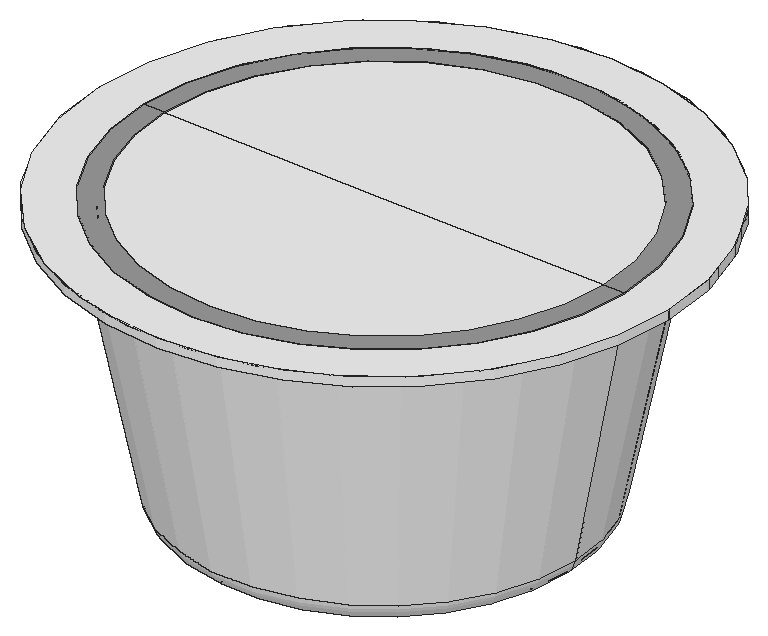
Revit family "2060709", category Lighting Fixtures, host Face, Revit 2018
Family settings
  Host = Face
  Round Connector Dimension = Use Diameter
  Part Type = Normal
  OmniClass Number = 23.80.70.11.17
  OmniClass Title = Specialized Lighting by Location or Use
  Cut with Voids When Loaded = No
  Light Source = Yes
  Shared = No
  Room Calculation Point = No
Parameters (values of type "2060709 ASC100 II ARCH 3650 4K IP65 DALI EMG 160")
  WidthBezelAcc_SYL = 25.0 mm
  Weight = "n/a"
  Wattage = 7 W
  WarrantyStartDate [instance] = "n/a"
  WarrantyGuarantorParts = "n/a"
  WarrantyDurationUnit = "n/a"
  WarrantyDurationParts = ""
  WarrantyDescription = "http://www.sylvania-lighting.com"
  built-in parameter 1150110 = 1 (stored number, unit not read)
  Voltage = 0 V
  VisibilityAccessory_SYL = no
  TypeName = "ASCENT 100 II ARCH 3650 4K IP65 DALI EMG 160"
  built-in parameter 1114217 = 1 (stored number, unit not read)
  Tilt Angle = -90°
  built-in parameter 1150109 = 1 (stored number, unit not read)
  built-in parameter 1150134 = (empty or 0)
  built-in parameter 1150113 = 1 (stored number, unit not read)
  SerialNumber [instance] = "n/a"
  ReflectorRadius_SYL = Radius_SYL - 14.5 mm  # 80.0 mm
  RadiusAcc_SYL = 104.5 mm
  Radius_SYL = 94.5 mm
  URL = "0.95"
  PowerFactor = 0
  PowerConsumption = "Lighting"
  Photometric Web File = "2060709.ies"
  NominalWidth = 0.0 mm
  NominalLength = 209.0 mm
  NominalHeight = 94.0 mm
  Name = "ASCENT 100 II ARCH 3650 4K IP65 DALI EMG 160"
  ModelReference = "ASCENT 100 II ARCH 3650 4K IP65 DALI EMG 160"
  ModelNumber = "2060709"
  Material_4_SYL = none
  Material_3_SYL = Polycarbonate_Sylvania_Ascent_Opal
  Material_2_SYL = Aluminium_Sylvania_Ascent_Silver
  Material_1_SYL = Aluminum_Sylvania_Ascent_White
  Material = "Feilo Sylvania"
  ManufacturerName = "114 lm/W"
  LuminousEfficacy = ""
  built-in parameter 1150105 = 76.872 (stored number, unit not read)
  Lumens = 966 lm
  LuminaireType = "0"
  built-in parameter 1150115 = 1 (stored number, unit not read)
  LightOutputRatio = "LED"
  built-in parameter 1150137 = (empty or 0)
  built-in parameter 1150139 = (empty or 0)
  LampsType = Lamp  # "n/a"
  LampNominalLuminous = "4000 K"
  LampMacAdamStep = "80"
  LampColourTemperature = "LED"
  LampColourRenderingIndex = "16500"
  built-in parameter 1150112 = 1 (stored number, unit not read)
  built-in parameter 1150114 = 1 (stored number, unit not read)
  Keynote = "n/a"
  InstallationDate [instance] = "n/a"
  InputVoltage = "0"
  InputNominalFrequency = "4000"
  built-in parameter 1150132 = (empty or 0)
  built-in parameter 1150102 = (empty or 0)
  built-in parameter 1150107 = 3000 (stored number, unit not read)
  built-in parameter 1150138 = (empty or 0)
  IngressProtection = "IfcLightFixtureType"
  ImpactProtectionIndex = "IfcLightFixtureType"
  built-in parameter 1150106 = 0.76872 (stored number, unit not read)
  IfcExportType = "IfcLightFixtureType"
  IfcExportAs = "Class II"
  HeightAcc_SYL = 7.0 mm
  Height = 96.0 mm
  ExpectedLife = 50000
  EmittionSurface_SYL = if(VisibilityAccessory_SYL, 7.0 mm, 3.0 mm)  # 3.0 mm
  Emit from Circle Diameter = DiffuserRadius_SYL * 2  # 146.0 mm
  Emit Shape Visible in Rendering = no
  ElectricShockClassification = "114"
  built-in parameter 1150104 = 12.821 (stored number, unit not read)
  DurationUnit = "hours"
  DocumentationLiterature = "http://www.sylvania-lighting.com/product/en-int/products/2060709"
  DimmingControlOptions = "n/a"
  Dimming Lamp Color Temperature Shift = <None>
  DiffuserRadius_SYL = ReflectorRadius_SYL - 7.0 mm  # 73.0 mm
  Diameter_SYL = 2 * Radius_SYL  # 189.0 mm
  CutoutDiameter_SYL = Diameter_SYL - 13.0 mm  # 176.0 mm
  CreatedOn = "08/06/2021"
  CreatedBy = "@sylvania-lighting.com"
  Color Filter = 16777215
  built-in parameter 1114216 [instance] = 1 (stored number, unit not read)
  Model = "ASCENT 100 II ARCH 3650 4K IP65 DALI EMG 160"
  Manufacturer = ""
  Lamp = "n/a"
  Description = "Direct LED retro fit for original LED 100 Arch (160) single CFL lamp offering Matching lumen levels and improved light distribution of original LED 100 CFL lamp equivalents Typically half the power consumption compared to CFL Up to 112lm/W 160mm aperture Architectural reflector accepts range of glass accessories from existing LED 100 Arch 160 offering HE, HO and VHO versions equivalent of single 1 x 18W, 1 x 32W, 1 x 42W\r\n Additional VVHO versions which offer the performance circa 2 x 32W equivalent"  # constant formula
  Default Elevation = 0.0 mm
  built-in parameter 1140040 [instance] = 1
  BarCode [instance] = "n/a"
  built-in parameter 1114218 = 1 (stored number, unit not read)
  built-in parameter 1150133 = 10 (stored number, unit not read)
  AssetType = "Fixed"
  AssetIdentifier [instance] = "n/a"
  Assembly Code = "D5020200"
  Apparent Load = 32 VA
  Aperture_SYL = 2 * ReflectorRadius_SYL  # 160.0 mm
Reference planes
  plane 1 "Center (Front/Back)": y = 0
  plane 2: z = 0
  plane 3 "Center (Left/Right)": x = 0
  plane 4 "Fixture Bottom": z = 3
  plane 5: z = -52.5
  plane 6 "Fixture Top": z = -89
  plane 7: x = -104.5
  plane 8: z = 7
  plane 9: x = -79.5
  plane 10: z = 5
  plane 11: x = -102.5
Forms (mm)
  Extrusion 1, solid, material "Aluminum_Sylvania_Ascent_White", detail levels fine
    sketch origin (0, 0, 0) x (1, 0, 0) y (0, 1, 0)
      loop
        circle (0, 0) r 94.5
      loop
        circle (0, 0) r 80
    from 0 to 3
  Extrusion 2, void
    sketch origin (0, 0, 0) x (1, 0, 0) y (0, 1, 0)
      loop
        circle (0, 0) r 88
    from -89 to 3
  Revolve 3, solid, material "Aluminum_Sylvania_Ascent_White" <- "Material_1_SYL", detail levels fine
    sketch origin (0, 0, 0) x (1, 0, 0) y (0, 0, 1)
      loop
        line (0, -89.073) -> (0, -87.023) -> (-55.468, -87.014)
        arc (-55.468, -87.014) -> (-59.352, -85.613) -> (-61.54, -82.139) r 6.307
        line (-61.54, -82.139) -> (-77.991, -2.838) -> (-77.991, 0) -> (-80, 0) -> (-80, -3) -> (-63.5, -82.536)
        arc (-63.5, -82.536) -> (-60.643, -87.203) -> (-55.5, -89.073) r 8.291
        line (-55.5, -89.073) -> (0, -89.073)
      axis (0, 0) -> (0, -89.073)
    angle from 0 to 360
  Revolve 4, solid, material "Aluminium_Sylvania_Ascent_Silver" <- "Material_2_SYL", detail levels fine
    sketch origin (0, 0, 0) x (1, 0, 0) y (0, 0, 1)
      loop
        line (-80, 3) -> (-80, 0) -> (-75, 0)
        arc (-75, 0) -> (-72.349, -26.77) -> (-64.5, -52.5) r 136.5
        line (-64.5, -52.5) -> (-58, -52.5)
        arc (-58, -52.5) -> (-56.857, -61.521) -> (-53.5, -69.971) r 36.166
        line (-53.5, -69.971) -> (0, -69.971) -> (0, -50.5) -> (-63.16, -50.5)
        arc (-63.16, -50.5) -> (-70.517, -25.725) -> (-73, 0) r 134.5
        line (-73, 0) -> (-73, 3) -> (-80, 3)
      axis (0, 3) -> (0, -69.971)
    angle from 0 to 360
  Revolve 5, solid, material "Aluminum_Sylvania_Ascent_White" <- "Material_1_SYL", detail levels medium+fine
    sketch origin (0, 0, 0) x (1, 0, 0) y (0, 0, 1)
      loop
        line (0, -89.073) -> (0, 3) -> (-94.5, 3) -> (-94.5, 0) -> (-79.5, 0) -> (-79.5, -3) -> (-63, -82.536)
        arc (-63, -82.536) -> (-60.143, -87.203) -> (-55, -89.073) r 8.291
        line (-55, -89.073) -> (0, -89.073)
      axis (0, 3) -> (0, -89.073)
    angle from 0 to 360
  Revolve 6, solid, material "Aluminum_Sylvania_Ascent_White" <- "Material_1_SYL", visible <- "VisibilityAccessory_SYL", detail levels medium+fine
    sketch origin (0, 0, 0) x (1, 0, 0) y (0, 0, 1)
      loop
        line (-104.5, 0) -> (-102.5, 0) -> (-102.5, 5) -> (-79.5, 5) -> (-79.5, 7) -> (-104.5, 7) -> (-104.5, 0)
      axis (0, 7) -> (0, 0)
    angle from 0 to 360
  Extrusion 7, solid, detail levels coarse
    sketch origin (0, 0, 0) x (1, 0, 0) y (0, 0, 1)
      loop
        line (104.421, 7) -> (-104.5, 7) -> (-104.5, -89) -> (104.421, -89) -> (104.421, 7)
    from -104.368 to 104.563
Lines and regions (mm)
  reference lines
    curve 1: line (-149.5, 0, 3) -> (125, 0, 3)
Dimensions and locks
  locked: plane 4 "Fixture Bottom" to plane 2 at 3
  "ReflectorRadius_SYL": plane 3 "Center (Left/Right)" to Revolve 4 sketch curve
  locked: Revolve 4 sketch curve to Revolve 4 sketch curve at 15.5
  locked: Revolve 4 sketch curve to Revolve 4 sketch curve at 5
  locked: Revolve 4 sketch curve to Revolve 4 sketch curve at 7
  locked: Revolve 4 sketch curve to Revolve 4 sketch curve at 22
  locked: Revolve 4 sketch curve to Revolve 4 sketch curve at 26.5
  locked: Revolve 3 sketch curve to Revolve 3 sketch curve at 16.5
  locked: Revolve 3 sketch curve to Revolve 3 sketch curve at 24.5
  "ReflectorRadius_SYL": Revolve 3 sketch curve to plane 3 "Center (Left/Right)"
  locked: Revolve 3 sketch curve to plane 6 "Fixture Top" at 6.464
  locked: plane 2 to Revolve 3 sketch curve at 3
  locked: Revolve 3 sketch curve to Revolve 3 sketch curve at 2
  locked: Revolve 3 sketch curve to Revolve 3 sketch curve at 2.009
  locked: plane 2 to plane 5 at 52.5
  locked: Revolve 5 sketch curve to Revolve 5 sketch curve at 31.5
  locked: Revolve 5 sketch curve to Revolve 5 sketch curve at 39.5
  locked: Revolve 5 sketch curve to Revolve 5 sketch curve at 15
  "Radius_SYL": plane 3 "Center (Left/Right)" to Revolve 5 sketch curve
  "RadiusAcc_SYL": plane 3 "Center (Left/Right)" to plane 7
  "HeightAcc_SYL": plane 8 to level
  locked: plane 7 to plane 11 at 2
  locked: plane 8 to plane 10 at 2
  "Height": plane 6 "Fixture Top" to plane 8
  "CutoutDiameter_SYL": diameter of Extrusion 2 sketch curve
  "ReflectorRadius_SYL": radius of Extrusion 1 sketch curve
  "Radius_SYL": radius of Extrusion 1 sketch curve
  aligned and locked: host face to plane 2
  aligned and locked: host face to level
  aligned and locked: plane 4 "Fixture Bottom" to Extrusion 1
  aligned and locked: Extrusion 1 to plane 2
  aligned and locked: Revolve 3 sketch curve to plane 3 "Center (Left/Right)"
  aligned and locked: Revolve 4 sketch curve to plane 3 "Center (Left/Right)"  (x2)
  aligned and locked: plane 4 "Fixture Bottom" to Revolve 4 sketch curve
  aligned and locked: plane 2 to Revolve 3 sketch curve  (x2)
  aligned and locked: Revolve 5 sketch curve to plane 3 "Center (Left/Right)"
  aligned and locked: plane 6 "Fixture Top" to Extrusion 2
  aligned and locked: Revolve 6 sketch curve to plane 3 "Center (Left/Right)"
  aligned and locked: host face to Revolve 6 sketch curve  (x2)
  aligned and locked: Revolve 6 sketch curve to plane 7
  aligned and locked: plane 8 to Revolve 6 sketch curve
  aligned and locked: plane 9 to Revolve 6 sketch curve
  aligned and locked: Revolve 6 sketch curve to plane 10
  aligned and locked: plane 11 to Revolve 6 sketch curve
  aligned and locked: plane 3 "Center (Left/Right)" to imposter light
  aligned and locked: imposter light to plane 1 "Center (Front/Back)"
  aligned and locked: imposter light to curve 1
Automatic sketch dimensions
  plane 1 "Center (Front/Back)" to Extrusion 2 sketch curve = 0.0 mm
  Extrusion 2 sketch curve to plane 3 "Center (Left/Right)" = 0.0 mm
  Extrusion 1 sketch curve to Extrusion 1 sketch curve = 0.0 mm  (x2)
  plane 1 "Center (Front/Back)" to Extrusion 1 sketch curve = 0.0 mm
  Extrusion 1 sketch curve to plane 3 "Center (Left/Right)" = 0.0 mm
  plane 6 "Fixture Top" to Revolve 3 sketch curve = 0.073 mm
  Revolve 3 sketch curve to plane 6 "Fixture Top" = 6.861 mm
  Revolve 3 sketch curve to Revolve 3 sketch curve = 0.003 mm
  Revolve 3 sketch curve to Revolve 3 sketch curve = 0.009 mm  (x2)
  Revolve 3 sketch curve to Revolve 3 sketch curve = 0.023 mm
  Revolve 3 sketch curve to Revolve 3 sketch curve = 0.072 mm
  Revolve 3 sketch curve to Revolve 3 sketch curve = 0.008 mm
  Revolve 3 sketch curve to plane 6 "Fixture Top" = 1.977 mm
  Revolve 3 sketch curve to Revolve 3 sketch curve = 33.496 mm
  Revolve 3 sketch curve to Revolve 3 sketch curve = 0.028 mm
  plane 4 "Fixture Bottom" to Revolve 3 sketch curve = 82.431 mm
  Revolve 4 sketch curve to Revolve 4 sketch curve = 0.0 mm  (x2)
  Revolve 4 sketch curve to plane 5 = 0.0 mm
  Revolve 4 sketch curve to level = 0.0 mm
  plane 5 to Revolve 4 sketch curve = 2.0 mm
  plane 4 "Fixture Bottom" to Revolve 4 sketch curve = 9.642 mm
  Revolve 4 sketch curve to level = 69.971 mm
  Revolve 4 sketch curve to Revolve 4 sketch curve = 2.387 mm
  Revolve 5 sketch curve to level = 0.0 mm
  Revolve 5 sketch curve to plane 3 "Center (Left/Right)" = 0.0 mm
  Revolve 5 sketch curve to Revolve 5 sketch curve = 8.104 mm
  Revolve 5 sketch curve to level = 3.0 mm
  Revolve 5 sketch curve to plane 6 "Fixture Top" = 6.464 mm
  plane 6 "Fixture Top" to Revolve 5 sketch curve = 0.073 mm
  Revolve 5 sketch curve to Revolve 5 sketch curve = 33.496 mm
  plane 4 "Fixture Bottom" to Revolve 5 sketch curve = 82.431 mm
  host sketch curve to host sketch curve = 1704.996 mm
  host sketch curve to host sketch curve = 1500.0 mm
  plane 6 "Fixture Top" to Revolve 6 sketch curve = 281.274 mm
  Revolve 6 sketch curve to plane 8 = 1140.706 mm
  Revolve 3 sketch curve to plane 3 "Center (Left/Right)" = 0.0 mm
  Revolve 5 sketch curve to plane 4 "Fixture Bottom" = 0.0 mm
  plane 7 to curve 1 = 45.0 mm
  plane 3 "Center (Left/Right)" to curve 1 = 125.0 mm
  curve 1 to plane 4 "Fixture Bottom" = 0.0 mm
  plane 7 to Extrusion 7 sketch curve = 0.0 mm
  Extrusion 7 sketch curve to plane 6 "Fixture Top" = 0.0 mm
  Extrusion 7 sketch curve to plane 8 = 0.0 mm
  plane 3 "Center (Left/Right)" to Extrusion 7 sketch curve = 104.421 mm
Connectors
  electrical at (0, 0, -89.073), driven by "Apparent Load"
    settings: on Revolve 3, index 1, voltage 240 V, apparent load 0 VA, apparent load phase1 32 VA, apparent load phase2 0 VA, apparent load phase3 0 VA, power factor 1, load classification "Lighting", number of poles 1, system type 31, power factor state 1, is connector primary yes, connector utility no, sub classification motor no, connector description ""
